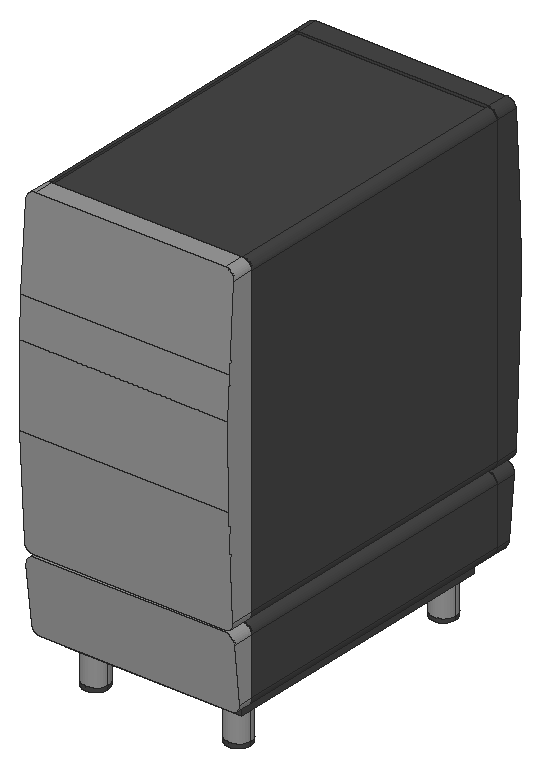
Revit family "Franke_Refrigeration_side_unit_SU05_EC-A600_MS_EC_A600_FM_EC_A800_FM_EC(CN)", category Specialty Equipment, Revit 2015
Parameters (values of type "Refrigeration side unit SU05 EC-A600 MS EC,A600 FM EC,A800 FM EC(220V/anthracite/CN)")
  URL = "https://www.franke.com/main/en/cs/products/product-search.html"
  Depth (mm) = 475 mm
  Temperature range = "+ 3° C to +8° C"
  Volts min. = 220 V
  Volts max. = 0 V
  Max Overcurrent Protection = "-"
  Cycle Alternative = 0 Hz
  Cycle = 50 Hz
  Model = "410873 - Refrigeration side unit SU05 EC - A600 MS EC, A600 FM EC, A800 FM EC"
  Milk storage = "5 l"
  Current consumption = 0.72 A
  Cost = 0
  Height (mm) = 585 mm
  Manufacturer = "Franke"
  Energy loss acc. to DIN 18873 = "0.638 kWh/24 h - 230 V"
  Width (mm) = 270 mm
  Description = "Refrigeration side unit SU05 for storage of cooled milk"
  Assembly Code = "Refrigeration side unit SU05"
  Keynote = "Refrigeration side unit SU05"
  Weight = "18 kg"
  Number of Poles = 1
  Number of Protective Conductors = "1"
  Number of Nutral Conductors = "1"
  Frontcover = Franke Anthracite
Types (3, lengths in mm): name | Frontcover
  (no name) | Franke Anthracite
  Refrigeration side unit SU05 EC-A600 MS EC,A600 FM EC,A800 FM EC(220V/black line/CN) | Franke Black
  Refrigeration side unit SU05 EC-A600 MS EC,A600 FM EC,A800 FM EC(220V/anthracite/CN) | Franke Anthracite
Reference planes
  plane 1 "Mitte (Vorne/Hinten)": y = 0
  plane 2: z = 0
  plane 3 "Mitte (Links/Rechts)": x = 0
Forms (mm)
  Extrusion 1, solid, material "Franke Black"
    sketch origin (0, 0, 0) x (1, 0, 0) y (0, 0, 1)
      loop
        line (123, 586) -> (-123, 586)
        arc (-123, 586) -> (-131.485, 582.485) -> (-135, 574) r 12
        line (-135, 574) -> (-135, 178)
        arc (-135, 178) -> (-131.485, 169.515) -> (-123, 166) r 12
        line (-123, 166) -> (123, 166)
        arc (123, 166) -> (131.485, 169.515) -> (135, 178) r 12
        line (135, 178) -> (135, 574)
        arc (135, 574) -> (131.485, 582.485) -> (123, 586) r 12
      loop
        arc (-135, 78) -> (-131.485, 69.515) -> (-123, 66) r 12
        line (-123, 66) -> (123, 66)
        arc (123, 66) -> (131.485, 69.515) -> (135, 78) r 12
        line (135, 78) -> (135, 151)
        arc (135, 151) -> (131.485, 159.485) -> (123, 163) r 12
        line (123, 163) -> (-123, 163)
        arc (-123, 163) -> (-131.485, 159.485) -> (-135, 151) r 12
        line (-135, 151) -> (-135, 78)
    from -198.03 to 198.03
  Extrusion 2, solid, material "Franke Black"
    sketch origin (0, 0, 0) x (1, 0, 0) y (0, 0, 1)
      loop
        line (-114, 66) -> (-114, 46) -> (114, 46) -> (114, 66) -> (-114, 66)
    from -186.97 to 188.03
  Extrusion 3, solid, material "Franke Anthracite" <- "Frontcover"
    sketch origin (0, 0, 0) x (0, 1, 0) y (0, 0, 1)
      loop
        line (-199.53, 586) -> (-226.03, 586)
        arc (-226.03, 586) -> (-230.318, 527.256) -> (-234.387, 468.497) r 15843.742
        arc (-234.387, 468.497) -> (-235.812, 442.176) -> (-236.543, 415.826) r 1000
        arc (-236.543, 415.826) -> (-236.783, 362.852) -> (-235.96, 309.883) r 2640.505
        arc (-235.96, 309.883) -> (-232.928, 237.872) -> (-227.52, 166) r 2182.336
        line (-227.52, 166) -> (-199.53, 166) -> (-199.53, 586)
      loop
        arc (-227.242, 163) -> (-222.173, 114.438) -> (-216.03, 66) r 2207.212
        line (-216.03, 66) -> (-199.53, 66) -> (-199.53, 163) -> (-227.242, 163)
    from -135 to 135
  Extrusion 4, solid, material "Franke Black"
    sketch origin (0, 0, 0) x (1, 0, 0) y (0, 0, 1)
      loop
        line (-120, 576) -> (-120, 66) -> (120, 66) -> (120, 576) -> (-120, 576)
    from 198.03 to 199.53
  Extrusion 5, solid, material "Franke Black"
    sketch origin (0, 397.56, 0) x (1, 0, 0) y (0, 0, 1)
      loop
        line (-120, 576) -> (-120, 66) -> (120, 66) -> (120, 576) -> (-120, 576)
    from 198.03 to 199.53
  Extrusion 6, solid, material "Franke Black"
    sketch origin (0, 0, 0) x (1, 0, 0) y (0, 1, 0)
      loop
        line (-107.375, 116.841) -> (-107.375, 95.391) -> (-90.625, 95.391) -> (-90.625, 116.841) -> (-107.375, 116.841)
      loop
        line (-107.375, -98.159) -> (-107.375, -119.609) -> (-90.625, -119.609) -> (-90.625, -98.159) -> (-107.375, -98.159)
      loop
        line (107.375, 116.841) -> (90.625, 116.841) -> (90.625, 95.391) -> (107.375, 95.391) -> (107.375, 116.841)
      loop
        line (107.375, -98.159) -> (90.625, -98.159) -> (90.625, -119.609) -> (107.375, -119.609) -> (107.375, -98.159)
    from 42 to 46
  Extrusion 7, solid, material "Franke Black"
    sketch origin (0, 0, 0) x (0, 1, 0) y (0, 0, 1)
      loop
        line (228.03, 586) -> (199.53, 586) -> (199.53, 166) -> (227.909, 166)
        arc (227.909, 166) -> (234.785, 268.409) -> (237.114, 371.022) r 2314.482
        arc (237.114, 371.022) -> (237.115, 384.228) -> (237.104, 397.434) r 15169.055
        arc (237.104, 397.434) -> (236.381, 442.975) -> (234.325, 488.477) r 1555
        arc (234.325, 488.477) -> (231.291, 537.246) -> (228.03, 586) r 10528.092
      loop
        line (199.53, 66) -> (216.03, 66)
        arc (216.03, 66) -> (222.776, 114.386) -> (227.62, 163) r 1246.054
        line (227.62, 163) -> (199.53, 163) -> (199.53, 66)
    from -135 to 135
  Extrusion 8, void
    sketch origin (0, 0, 0) x (1, 0, 0) y (0, 0, 1)
      loop
        line (-123, 586) -> (-123, 596) -> (-145, 596) -> (-145, 574) -> (-135, 574)
        arc (-135, 574) -> (-131.485, 582.485) -> (-123, 586) r 12
      loop
        arc (123, 586) -> (131.485, 582.485) -> (135, 574) r 12
        line (135, 574) -> (145, 574) -> (145, 596) -> (123, 596) -> (123, 586)
      loop
        arc (-123, 166) -> (-131.485, 169.515) -> (-135, 178) r 12
        line (-135, 178) -> (-145, 178) -> (-145, 151) -> (-135, 151)
        arc (-135, 151) -> (-131.485, 159.485) -> (-123, 163) r 12
        line (-123, 163) -> (-123, 166)
      loop
        line (123, 66) -> (123, 56) -> (145, 56) -> (145, 78) -> (135, 78)
        arc (135, 78) -> (131.485, 69.515) -> (123, 66) r 12
      loop
        arc (-123, 66) -> (-131.485, 69.515) -> (-135, 78) r 12
        line (-135, 78) -> (-145, 78) -> (-145, 56) -> (-123, 56) -> (-123, 66)
      loop
        line (123, 166) -> (123, 163)
        arc (123, 163) -> (131.485, 159.485) -> (135, 151) r 12
        line (135, 151) -> (145, 151) -> (145, 178) -> (135, 178)
        arc (135, 178) -> (131.485, 169.515) -> (123, 166) r 12
    from -299.15 to 303.805
  Extrusion 9, solid, material "Franke Chrome"
    sketch origin (0, 0, 0) x (1, 0, 0) y (0, 1, 0)
      loop
        circle (-92.5, 165.116) r 16
      loop
        circle (-92.5, -166.823) r 16
      loop
        circle (92.5, 165.116) r 16
      loop
        circle (92.5, -166.823) r 16
    from 5 to 46
  Extrusion 10, solid, material "Franke Chrome"
    sketch origin (0, 0, 42) x (1, 0, 0) y (0, 1, 0)
      loop
        circle (0, 157.898) r 2.5
    from 0 to 4
  Extrusion 11, solid, material "Franke Black"
    sketch origin (0, 0, 0) x (0, -1, 0) y (1, 0, 0)
      loop
        circle (-165.116, -92.5) r 16
      loop
        circle (166.823, -92.5) r 16
      loop
        circle (-165.116, 92.5) r 16
      loop
        circle (166.823, 92.5) r 16
    from 0 to 5
  Extrusion 12, void
    sketch origin (-1311.638, -464.12, 0) x (1, 0, 0) y (0, 1, 0)
      loop
        line (1188.638, 262.562) -> (1434.638, 262.562) -> (1434.638, 666.304) -> (1188.638, 666.304) -> (1188.638, 262.562)
    from 584 to 662.067
Cuts and joins
  Extrusion 8 cuts Extrusion 7
  Extrusion 8 cuts Extrusion 3
  Extrusion 12 cuts Extrusion 1
Dimensions and locks
  aligned and locked: level to plane 2
Connectors
  electrical at (0, 157.898, 42), driven by "Number of Poles", driven by "Volts max."
    settings: on Extrusion 10, index 2, voltage 0 V, apparent load 0 VA, apparent load phase1 0 VA, apparent load phase2 0 VA, apparent load phase3 0 VA, power factor 1, load classification "Strom", number of poles 1, system type 31, power factor state 1, is connector primary yes, connector utility no, sub classification motor no, connector description ""
